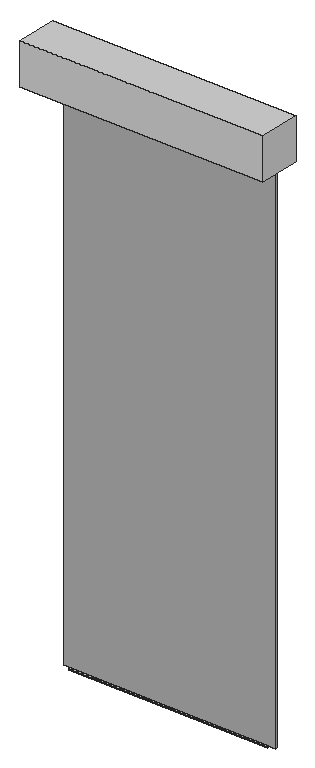
Revit family "Deployable-Draft-Curtain_DoorSystems", category Specialty Equipment, Revit 2023
Family settings
  Round Connector Dimension = Use Diameter
  Part Type = Normal
  OmniClass Number = 23.30.60.17
  OmniClass Title = Fire and Smoke Shutters and Curtains
  Work Plane-Based = Yes
  Enable Cutting in Views = No
  Always vertical = No
  Cut with Voids When Loaded = No
  Maintain Annotation Orientation = No
  Shared = No
  Room Calculation Point = No
Parameters (values of type "Multiple Roller Over Under")
  Warranty Duration (Years) = 0
  Unit Width [instance] = Clear Opening Width + (0' 4" * 2)  # 3' - 8"
  Unit Height [instance] = Clear Opening Height + Header Height  # 8' - 7 1/2"
  Unit Depth [instance] = if(1 = 1, Header Depth, 0' 0")  # 0' - 7 1/2"
  URL = "http://www.doorsysinc.com/"
  Standards Conformance = "IBC 715.4 C  ;  NFPA 101 and 105  ;  UL 1784 S Label  ;  UL 864  ;  UL 555"
  Specification = "http://www.arcat.com/sdspecs/htm04/08_34_00dsi.htm"
  SpecWizard = ""
  SingleRollerHeaderCalc [instance] = if(Clear Opening Height < 9' 10", 0' 7 1/2", if(Clear Opening Height < 26' 3", 0' 8 1/4", if(Clear Opening Height < 39' 4", 0' 10", 0' 11 7/8")))  # 0' - 7 1/2"
  Sales Information = "http://www.doorsysinc.com/DSI-fire-smoke-curtains/contact-us.html"
  Revision = "R1_2016-07"
  Product Properties = "http://www.doorsysinc.com/DSI-fire-smoke-curtains/elevator-smoke-containment-system.html"
  Product Data = "http://www.arcat.com/arcatcos/cos50/arc50183.html"
  Multiple Roller Side by Side = no
  Multiple Roller Over Under = yes
  MultiRollerSBSHeaderCalcH [instance] = if(Clear Opening Height < 9' 10", 0' 8 1/4", if(Clear Opening Height < 26' 3", 0' 10", if(Clear Opening Height < 39' 4", 0' 10 1/2", 0' 11 7/8")))  # 0' - 8 1/4"
  MultiRollerSBSHeaderCalcD [instance] = if(Clear Opening Height < 9' 10", 1' 0 1/4", if(Clear Opening Height < 26' 3", 0' 11 3/8", if(Clear Opening Height < 39' 4", 0' 11 3/8", 1' 9 1/4")))  # 1' - 0 1/4"
  MultiRollerSBSControl [instance] = if(Multiple Roller Side by Side, (MultiRollerSBSHeaderCalcD / 2) - 0' 1", 0' 0")  # 0' - 0"
  MultiRollerOUHeaderCalcH [instance] = if(Clear Opening Height < 9' 10", 0' 11 3/8", if(Clear Opening Height < 26' 3", 0' 11 3/8", if(Clear Opening Height < 39' 4", 0' 11 3/8", 1' 9 1/4")))  # 0' - 11 3/8"
  MultiRollerOUHeaderCalcD [instance] = if(Clear Opening Height < 9' 10", 0' 7 1/2", if(Clear Opening Height < 26' 3", 0' 8 1/4", if(Clear Opening Height < 39' 4", 0' 10", 0' 11 7/8")))  # 0' - 7 1/2"
  Mounting Method [instance] = "as Specified"
  Model = "as Specified"
  Maximum Size = "14 ft Wide. Heights Above 10 ft Require Larger Head Clearances"
  Manufacturer Website = "http://www.doorsysinc.com/"
  Manufacturer Phone - Toll Free = "866-534-3667"
  Manufacturer Phone = "714-258-7100"
  Manufacturer Fax = ""
  Manufacturer Address = "1150 S. Las Brisas Placentia, CA 92870"
  Manufacturer = "Door Systems, Inc"
  Maintenance Schedule (Months) = 0
  Keynote = "08 34 85"
  Installation-Fabrication = ""
  Installation Phase = ""
  Header Height [instance] = if(Clear Opening Width < 16' 0", SingleRollerHeaderCalc, if(and(not(Clear Opening Height < 16' 0"), Multiple Roller Side by Side), MultiRollerSBSHeaderCalcH, MultiRollerOUHeaderCalcH))  # 0' - 7 1/2"
  Header Depth [instance] = if(Clear Opening Width < 14' 0", SingleRollerHeaderCalc, if(and(not(Clear Opening Width < 14' 0"), Multiple Roller Side by Side), MultiRollerSBSHeaderCalcD / 2, MultiRollerOUHeaderCalcD))  # 0' - 7 1/2"
  Green Building-LEED = ""
  Frame Finish [instance] = Metal - Steel - Painted
  Fire Performance = "Fire Rating as Specified  ;  UL10B and UL 263 Time Curve"
  Expected Lifespan (Years) = 0
  Electrical_Voltage = 24 V
  Drawn By = "Sumex Design, Inc. / Robert S. Weygant, CSI, CDT, SCIP"
  Description = "Door Systems Inc Fire Rated Smoke Curtain - as Specified"
  Default Elevation = 0' - 0"  # constant formula
  Curtain Height [instance] = if(Curtain Closed, Clear Opening Height, 0' 0 1/16")  # 8' - 0"
  Curtain Finish [instance] = Fabric - DoorSystemsInc - Grey Smoke Curtain
  Curtain Closed [instance] = yes
  Copyright = "©Arcat Inc."
  Construction Details = "http://www.arcat.com/details/doorsys/doorsys.html?coid=50183"
  Clear Opening Width [instance] = 3' - 0"
  Clear Opening Height [instance] = 8' - 0"
  Available Options [instance] = "as Specified"
  Assembly Code = "D4090"
Types (3): name | Unit Width | Revision | Product Properties | Multiple Roller Side by Side | Multiple Roller Over Under | MultiRollerSBSControl | Drawn By | Description | Clear Opening Width
  Multiple Roller Over Under | 3' - 8" | "R1_2016-07" | "http://www.doorsysinc.com/DSI-fire-smoke-curtains/elevator-smoke-containment-system.html" | no | yes | 0' - 0" | "Sumex Design, Inc. / Robert S. Weygant, CSI, CDT, SCIP" | "Door Systems Inc Fire Rated Smoke Curtain - as Specified" | 3' - 0"
  Multiple Roller Side by Side | 3' - 8" | "R1_2016-07" | "http://www.doorsysinc.com/DSI-fire-smoke-curtains/elevator-smoke-containment-system.html" | yes | no | 0' - 5 1/8" | "Sumex Design, Inc. / Robert S. Weygant, CSI, CDT, SCIP" | "Door Systems Inc Fire Rated Smoke Curtain - as Specified" | 3' - 0"
  Single Roller | 8' - 8" | "" | "http://www.doorsysinc.com/smoke-and-fire-curtains/draft-curtains/" | no | no | 0' - 0" | "" | "Door Systems Inc Draft Curtain - as Specified" | 8' - 0"
Reference planes (in)
  plane 1 "Center (Front/Back)": y = 0
  plane 2 "Bottom": z = 3.875
  plane 3 "Center (Left/Right)": x = 0
  plane 4 "Front": y = -7.5
  plane 5 "Left": x = -22
  plane 6 "Right": x = 22
  plane 7 "Top": z = 107.375
  plane 8: x = -18
  plane 9: x = 18
  plane 10: z = 99.875
  plane 11 "Curtain": z = 3.875
  plane 12: x = -19.25
  plane 13: x = 19.25
Forms (in)
  Extrusion 1, solid, material "Metal - Steel - Painted" <- "Frame Finish"
    sketch origin (0, 0, 0) x (0, 1, 0) y (0, 0, 1)
      loop
        line (0, 107.375) -> (-7.5, 107.375) -> (-7.5, 99.875) -> (0, 99.875) -> (0, 107.375)
    from -22 to 22
  Extrusion 2, solid, material "Metal - Steel - Painted" <- "Frame Finish"
    sketch origin (0, 0, 0) x (0, 1, 0) y (0, 0, 1)
      loop
        line (-0.625, 3.875) -> (-0.625, 4.06188) -> (-1.375, 4.06188) -> (-1.375, 3.875) -> (-0.625, 3.875)
    from -18 to 18
  Extrusion 3, solid, material "Fabric - DoorSystemsInc - Grey Smoke Curtain" <- "Curtain Finish"
    sketch origin (0, 0, 0) x (0, 1, 0) y (0, 0, 1)
      loop
        line (-0.90444, 4.06188) -> (-0.90444, 102.31188) -> (-1.06021, 102.31188) -> (-1.06021, 4.06188) -> (-0.90444, 4.06188)
    from -19.25 to 19.25
Dimensions and locks (in)
  equal spacing: plane 5 "Left", plane 3 "Center (Left/Right)", plane 6 "Right"
  "Unit Width": plane 5 "Left" to plane 6 "Right"
  "Unit Depth": plane 1 "Center (Front/Back)" to plane 4 "Front"
  "Unit Height": plane 7 "Top" to plane 2 "Bottom"
  "Header Height": plane 7 "Top" to Extrusion 1 sketch curve
  "Header Depth": Extrusion 1 sketch curve to plane 1 "Center (Front/Back)"
  equal spacing: plane 8, plane 3 "Center (Left/Right)", plane 9
  "Clear Opening Width": plane 8 to plane 9
  "Clear Opening Height": plane 10 to plane 2 "Bottom"
  "Curtain Height": plane 10 to plane 11 "Curtain"
  locked: Extrusion 2 sketch curve to plane 11 "Curtain" at 0.18688
  locked: Extrusion 3 sketch curve to plane 11 "Curtain" at 0.18688
  locked: plane 10 to Extrusion 3 sketch curve at 2.43688
  locked: plane 12 to plane 8 at 1.25
  locked: plane 9 to plane 13 at 1.25
  "MultiRollerSBSControl": plane 1 "Center (Front/Back)" to Extrusion 1 sketch curve
  Extrusion 1 to Extrusion 1 = 0' - 7 1/2"
  aligned and locked: plane 7 "Top" to Extrusion 1 sketch curve
  aligned and locked: Extrusion 1 to plane 5 "Left"
  aligned and locked: plane 6 "Right" to Extrusion 1
  aligned and locked: plane 8 to Extrusion 2
  aligned and locked: Extrusion 2 to plane 9
  aligned and locked: plane 11 "Curtain" to Extrusion 2 sketch curve
  aligned and locked: plane 12 to Extrusion 3
  aligned and locked: Extrusion 3 to plane 13
Automatic sketch dimensions
  plane 1 "Center (Front/Back)" to Extrusion 2 sketch curve = 0' - 1 3/8"
  plane 1 "Center (Front/Back)" to Extrusion 2 sketch curve = 0' - 0 5/8"
  plane 1 "Center (Front/Back)" to Extrusion 3 sketch curve = 0' - 1.06021"
  Extrusion 3 sketch curve to Extrusion 3 sketch curve = 0' - 0.15577"
